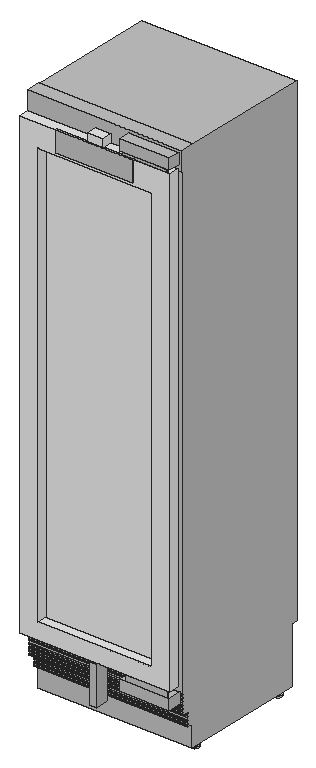
Revit family "FP_Revit_18_RS6121VR2K1_Wine_Column_90001106A", category Specialty Equipment, Revit 2018
Family settings
  Round Connector Dimension = Use Diameter
  Part Type = Normal
  OmniClass Number = 23.40.40.11.11
  OmniClass Title = Refrigerators and Freezers
  Work Plane-Based = No
  Always vertical = Yes
  Cut with Voids When Loaded = Yes
  Shared = No
  Room Calculation Point = No
Parameters
  Visibility - Visibility Control Note = yes
  Visibility - Clearance Required = yes
  URL = "www.fisherpaykel.com"
  Stainless Steel Door Panels (RD6121VR4D) = no
  Product - Width = 603 mm  # constant formula
  Product - Height = 2134 mm  # constant formula
  Product - Depth (exl front panel) = 610 mm  # constant formula
  Model = "RS6121VR2K1"
  Material - Handle = Fisher & Paykel - Aluminium
  Material - Door Structure = Fisher & Paykel - White
  Material - Door Front = Fisher & Paykel - Stainless Steel
  Material - Body = Fisher & Paykel - Grey
  Manufacturer = "Fisher & Paykel Appliances"
  Handle Style - Contemporary Square (AHD3-RD21) = no
  Handle Style - Contemporary Round (AHS-RD21) = no
  Description = "61cm Integrated Column Wine Cabinet"
  Connector Description - Electrical = "230 V, 10 amp fused electrical supply"
  Cavity - Width = 610 mm  # constant formula
  Cavity - Height = 2134 mm  # constant formula
  Cavity - Depth = 650 mm  # constant formula
Reference planes
  plane 1 "Datum": y = 0
  plane 2: z = 0
  plane 3 "Center (Left/Right)": x = 0
  plane 4 "Product LHS": x = -301.5
  plane 5 "Product RHS": x = 301.5
  plane 6 "Product - Depth": y = 610
  plane 7 "Cavity LHS": x = -305
  plane 8 "Cavity RHS": x = 305
  plane 9 "Cavity - Depth": y = 628
  plane 10 "Handle Offset": x = -238.5
  plane 11 "Product Height": z = 2134
  plane 12 "Cavity Height": z = 2134
  plane 13 "Door Panel Datum": y = -4.1
Forms (mm)
  Extrusion 1, solid, material "Fisher & Paykel - Grey" <- "Material - Body", detail levels fine
    sketch origin (0, 0, 0) x (0, 1, 0) y (0, 0, 1)
      loop
        line (100.1, 19.1) -> (587.9, 19.1) -> (587.9, 239.7) -> (610, 239.7) -> (610, 2131.9) -> (105.1, 2131.9) -> (105.1, 2134) -> (49.9, 2134) -> (49.9, 2059) -> (56, 2059) -> (56, 228.6) -> (59.5, 228.6) -> (59.5, 219.7) -> (56.5, 219.7) -> (56.5, 215.9) -> (59.5, 215.9) -> (59.5, 207) -> (56.5, 207) -> (56.5, 203.2) -> (59.5, 203.2) -> (59.5, 194.3) -> (56.5, 194.3) -> (56.5, 190.5) -> (59.5, 190.5) -> (59.5, 181.6) -> (56.5, 181.6) -> (56.5, 177.8) -> (59.5, 177.8) -> (59.5, 168.9) -> (56.5, 168.9) -> (56.5, 165.1) -> (59.5, 165.1) -> (59.5, 156.2) -> (56.5, 156.2) -> (56.5, 152.4) -> (84.1, 152.4) -> (84.1, 143.5) -> (81.1, 143.5) -> (81.1, 139.7) -> (84.1, 139.7) -> (84.1, 130.8) -> (81.1, 130.8) -> (81.1, 127) -> (84.1, 127) -> (84.1, 118.1) -> (81.1, 118.1) -> (81.1, 114.3) -> (84.1, 114.3) -> (84.1, 105.4) -> (81.1, 105.4) -> (81.1, 101.6) -> (100.1, 101.6) -> (100.1, 19.1)
    from -301.5 to 301.5
  Extrusion 2, solid, material "Fisher & Paykel - Grey" <- "Material - Body"
    sketch origin (0, 0, 0) x (1, 0, 0) y (0, 1, 0)
      loop
        circle (-281, 547.8) r 4.1
      loop
        circle (-281, 141.8) r 4.1
      loop
        circle (281, 547.8) r 4.1
      loop
        circle (281, 141.8) r 4.1
    from 3 to 19.1
  Extrusion 3, solid, material "Fisher & Paykel - Grey" <- "Material - Body"
    sketch origin (0, 0, 0) x (1, 0, 0) y (0, 1, 0)
      loop
        circle (-281, 547.8) r 14.5
      loop
        circle (-281, 141.8) r 14.555
      loop
        circle (281, 547.8) r 14.5
      loop
        circle (281, 141.8) r 14.555
    from 0 to 3
  Extrusion 4, solid, material "Fisher & Paykel - Grey" <- "Material - Body", detail levels fine
    sketch origin (0, 0, 0) x (1, 0, 0) y (0, 1, 0)
      loop
        line (-7.5, 49) -> (-13.797, -4.1) -> (13.797, -4.1) -> (7.5, 49) -> (-7.5, 49)
    from 104.2 to 254.2
  Extrusion 5, solid, material "Fisher & Paykel - Grey" <- "Material - Body", detail levels fine
    sketch origin (0, 0, 0) x (1, 0, 0) y (0, 0, 1)
      loop
        line (289.9, 2123.15) -> (95.42, 2123.15) -> (95.42, 2081.05) -> (289.9, 2081.05) -> (289.9, 2123.15)
    from -49 to -3
  Extrusion 6, solid, material "Fisher & Paykel - Grey" <- "Material - Body", detail levels fine
    sketch origin (0, 0, 0) x (0, 1, 0) y (0, 0, 1)
      loop
        line (0, 2070.6) -> (0, 1988.6) -> (2, 1988.6) -> (2, 2068.6) -> (4, 2068.6) -> (4, 2070.6) -> (0, 2070.6)
    from -150 to 150
  Extrusion 7, solid, material "Fisher & Paykel - Grey" <- "Material - Body"
    sketch origin (0, 0, 0) x (1, 0, 0) y (0, 0, 1)
      loop
        circle (226.5, 119.813) r 5
      loop
        circle (-226.5, 119.813) r 5
    from -590 to -587.9
  Extrusion 8, solid, material "Fisher & Paykel - White" <- "Material - Door Structure"
    sketch origin (0, 0, 0) x (1, 0, 0) y (0, 1, 0)
      loop
        line (-276.5, 56) -> (-276.5, 42) -> (276.5, 42) -> (276.5, 56) -> (-276.5, 56)
    from 269.6 to 2030.7
  Extrusion 9, solid, material "Fisher & Paykel - White" <- "Material - Door Structure", detail levels fine
    sketch origin (0, 0, 0) x (1, 0, 0) y (0, 0, 1)
      loop
        line (-29.5, 2100.1) -> (-29.5, 2068.6) -> (29.5, 2068.6) -> (29.5, 2100.1) -> (-29.5, 2100.1)
    from -42 to -3
  Extrusion 10, solid, material "Fisher & Paykel - Grey" <- "Material - Body", detail levels coarse+medium
    sketch origin (0, 0, 0) x (0, 1, 0) y (0, 0, 1)
      loop
        line (49.9, 2134) -> (49.9, 2059) -> (56, 2059) -> (56, 152.4) -> (81.1, 152.4) -> (81.1, 101.6) -> (100.1, 101.6) -> (100.1, 19.1) -> (587.9, 19.1) -> (587.9, 239.7) -> (610, 239.7) -> (610, 2134) -> (49.9, 2134)
    from -301.5 to 301.5
  Extrusion 11, solid, material "Fisher & Paykel - Clearance Required", visible <- "Visibility - Clearance Required", detail levels coarse
    sketch origin (0, 0, 0) x (1, 0, 0) y (0, 1, 0)
      loop
        arc (-301.5, -22.1) -> (-13.376, -547.171) -> (584.28, -586.183) r 622.5
        line (584.28, -586.183) -> (565.051, -544.946) -> (589.549, -533.523)
        arc (589.549, -533.523) -> (598.013, -510.267) -> (574.757, -501.802) r 17.5
        line (574.757, -501.802) -> (550.259, -513.225) -> (329.441, -39.678)
        arc (329.441, -39.678) -> (310.616, -38.605) -> (301.5, -22.1) r 19.5
        line (301.5, -22.1) -> (-301.5, -22.1)
    from 0 to 2134
  Extrusion 12, solid, material "Fisher & Paykel - Grey" <- "Material - Body", detail levels fine
    sketch origin (0, 0, 0) x (1, 0, 0) y (0, 0, 1)
      loop
        line (289.9, 187.65) -> (289.9, 229.75) -> (95.42, 229.75) -> (95.42, 187.65) -> (289.9, 187.65)
    from -56 to -2.5
  Extrusion 13, solid, material "Fisher & Paykel - Grey" <- "Material - Body", detail levels fine
    sketch origin (0, 0, -4) x (0, 1, 0) y (0, 0, 1)
      loop
        arc (163.888, 23.1) -> (180.4, 13.63) -> (196.912, 23.1) r 19.13
        line (196.912, 23.1) -> (163.888, 23.1)
      loop
        arc (493.888, 23.1) -> (510.4, 13.63) -> (526.912, 23.1) r 19.13
        line (526.912, 23.1) -> (493.888, 23.1)
    from 191 to 219
  Extrusion 14, solid, material "Fisher & Paykel - Grey" <- "Material - Body", detail levels fine
    sketch origin (0, 0, -4) x (0, 1, 0) y (0, 0, -1)
      loop
        line (163.888, -23.1) -> (196.912, -23.1)
        arc (196.912, -23.1) -> (180.4, -13.63) -> (163.888, -23.1) r 19.13
      loop
        line (493.888, -23.1) -> (526.912, -23.1)
        arc (526.912, -23.1) -> (510.4, -13.63) -> (493.888, -23.1) r 19.13
    from 191 to 219
  Extrusion 15, solid, material "Fisher & Paykel - Clearance Required", visible <- "Visibility - Clearance Required", detail levels coarse
    sketch origin (0, 0, 0) x (1, 0, 0) y (0, 1, 0)
      loop
        line (-305, 628) -> (-305, -4.1) -> (305, -4.1) -> (305, 628) -> (-305, 628)
    from 0 to 2134
  Extrusion 16, void
    sketch origin (0, 0, 0) x (1, 0, 0) y (0, 1, 0)
      loop
        line (-305, 628) -> (-305, -22) -> (305, -22) -> (305, 628) -> (-305, 628)
    from 0 to 2134
  Extrusion 17, solid, material "Fisher & Paykel - Grey" <- "Material - Body", detail levels fine
    sketch origin (0, 0, 0) x (1, 0, 0) y (0, 0, 1)
      loop
        line (118.4, 254.2) -> (118.4, 229.75) -> (282.9, 229.75) -> (282.9, 254.2) -> (118.4, 254.2)
      loop
        line (106, 2081.05) -> (106, 2068.6) -> (282.9, 2068.6) -> (282.9, 2076.05) -> (242.9, 2081.05) -> (106, 2081.05)
    from -7 to -4
  Extrusion 18, solid, material "Fisher & Paykel - Stainless Steel" <- "Material - Door Front", visible <- "Stainless Steel Door Panels (RD6121VR4D)"
    sketch origin (0, 0, 0) x (1, 0, 0) y (0, 0, 1)
      loop
        line (-301.5, 2130.8) -> (-301.5, 102) -> (301.5, 102) -> (301.5, 2130.8) -> (-301.5, 2130.8)
      loop
        line (-207.5, 1930) -> (-207.5, 341.6) -> (207.5, 341.6) -> (207.5, 1930) -> (-207.5, 1930)
    from 4.1 to 22.1
  Extrusion 19, solid, material "Fisher & Paykel - White" <- "Material - Door Structure"
    sketch origin (0, 0, 0) x (1, 0, 0) y (0, 0, 1)
      loop
        line (-292.9, 2068.6) -> (-292.9, 254.2) -> (292.9, 254.2) -> (292.9, 2068.6) -> (-292.9, 2068.6)
      loop
        line (-223.3, 318.3) -> (223.3, 318.3) -> (223.3, 1977.7) -> (-223.3, 1977.7) -> (-223.3, 318.3)
    from -42 to -3
Lines and regions (mm)
  model lines, style "Fisher & Paykel"
    curve 1: line (-301.5, -4.1, 2130.8) -> (301.5, -4.1, 2130.8)
    curve 2: line (-301.5, -4.1, 102) -> (-301.5, -4.1, 2130.8)
    curve 3: line (301.5, -4.1, 102) -> (-301.5, -4.1, 102)
    curve 4: line (301.5, -4.1, 2130.8) -> (301.5, -4.1, 102)
    curve 5: line (-207.5, -4.1, 1930) -> (207.5, -4.1, 1930)
    curve 6: line (-207.5, -4.1, 341.6) -> (-207.5, -4.1, 1930)
    curve 7: line (207.5, -4.1, 341.6) -> (-207.5, -4.1, 341.6)
    curve 8: line (207.5, -4.1, 1930) -> (207.5, -4.1, 341.6)
Text (mm)
  text "Due to ongoing product development, product details are subject to change without notice. \nPlease always refer to www.fisherpaykel.com for the most current product information. \n© Fisher & Paykel 2020" at (41.04, -678.295, 0), in view "Ref. Level (Plan)"
Dimensions and locks
  equal spacing: plane 4 "Product LHS", plane 3 "Center (Left/Right)", plane 5 "Product RHS"
  "Product - Width": plane 4 "Product LHS" to plane 5 "Product RHS"
  "Product - Depth (exl front panel)": plane 1 "Datum" to plane 6 "Product - Depth"
  equal spacing: plane 7 "Cavity LHS", plane 3 "Center (Left/Right)", plane 8 "Cavity RHS"
  "Cavity - Width": plane 7 "Cavity LHS" to plane 8 "Cavity RHS"
  plane 4 "Product LHS" to Extrusion 2 sketch curve = 24.6 mm
  plane 4 "Product LHS" to plane 10 "Handle Offset" = 63 mm
  Extrusion 7 sketch curve to Extrusion 1 = 119.887 mm  (x2)
  Extrusion 7 sketch curve to plane 5 "Product RHS" = 75 mm
  plane 4 "Product LHS" to Extrusion 7 sketch curve = 75 mm
  Extrusion 1 sketch curve to Extrusion 1 sketch curve = 82.5 mm
  Extrusion 1 sketch curve to Extrusion 1 sketch curve = 209.5 mm
  Extrusion 3 to level = 3 mm
  Extrusion 10 to Extrusion 8 = 250.5 mm
  Extrusion 10 to Extrusion 10 = 2114.9 mm
  "Product - Height": level to plane 11 "Product Height"
  Extrusion 8 to plane 11 "Product Height" = 103.3 mm
  Extrusion 10 sketch curve to plane 11 "Product Height" = 75 mm
  Extrusion 1 sketch curve to plane 11 "Product Height" = 2.1 mm
  Extrusion 1 sketch curve to plane 11 "Product Height" = 75 mm
  "Cavity - Height": plane 12 "Cavity Height" to level
  plane 1 "Datum" to Extrusion 15 = 628 mm
  plane 1 "Datum" to Extrusion 16 = 628 mm
  Extrusion 17 sketch curve to Extrusion 17 sketch curve = 40 mm
  Extrusion 17 sketch curve to plane 3 "Center (Left/Right)" = 106 mm
  Extrusion 17 sketch curve to Extrusion 17 sketch curve = 176.9 mm
  Extrusion 17 sketch curve to plane 3 "Center (Left/Right)" = 118.4 mm
  plane 3 "Center (Left/Right)" to Extrusion 17 sketch curve = 282.9 mm
  equal spacing: Extrusion 19, plane 3 "Center (Left/Right)", Extrusion 19
  equal spacing: Extrusion 18, plane 3 "Center (Left/Right)", Extrusion 18
  locked: Extrusion 18 sketch curve to Extrusion 18 sketch curve at 415
  locked: Extrusion 19 sketch curve to Extrusion 19 sketch curve at 446.6
  Extrusion 16 to plane 1 "Datum" = 22 mm
  "Cavity - Depth": plane 9 "Cavity - Depth" to Extrusion 16
  radius of Extrusion 7 sketch curve = 5 mm
  aligned and locked: level to plane 2
  aligned and locked: Extrusion 10 to plane 5 "Product RHS"
  aligned and locked: Extrusion 10 to plane 4 "Product LHS"
  aligned and locked: Extrusion 10 sketch curve to plane 11 "Product Height"
  aligned and locked: plane 11 "Product Height" to Extrusion 1 sketch curve
  aligned and locked: Extrusion 13 sketch curve to Extrusion 13 sketch curve
  aligned and locked: Extrusion 14 sketch curve to Extrusion 14 sketch curve
  aligned and locked: Extrusion 15 to Extrusion 11
  aligned and locked: Extrusion 16 to Extrusion 11
  aligned and locked: Extrusion 1 to plane 5 "Product RHS"
  aligned and locked: plane 4 "Product LHS" to Extrusion 1
  aligned and locked: Extrusion 2 to Extrusion 1
  aligned and locked: nested 3 to plane 10 "Handle Offset"
  aligned and locked: nested 2 to plane 10 "Handle Offset"
Automatic sketch dimensions
  Extrusion 2 sketch curve to plane 4 "Product LHS" = 20.5 mm  (x2)
  plane 5 "Product RHS" to Extrusion 2 sketch curve = 20.5 mm  (x2)
  Extrusion 2 sketch curve to plane 1 "Datum" = 141.8 mm  (x2)
  Extrusion 2 sketch curve to plane 6 "Product - Depth" = 62.2 mm  (x2)
  Extrusion 3 sketch curve to plane 4 "Product LHS" = 20.5 mm  (x2)
  plane 5 "Product RHS" to Extrusion 3 sketch curve = 20.5 mm  (x2)
  Extrusion 3 sketch curve to plane 1 "Datum" = 141.8 mm  (x2)
  Extrusion 3 sketch curve to plane 6 "Product - Depth" = 62.2 mm  (x2)
  plane 1 "Datum" to Extrusion 4 sketch curve = 4.1 mm
  Extrusion 4 sketch curve to plane 3 "Center (Left/Right)" = 13.797 mm
  Extrusion 4 sketch curve to plane 3 "Center (Left/Right)" = 7.5 mm
  plane 3 "Center (Left/Right)" to Extrusion 4 sketch curve = 7.5 mm
  plane 3 "Center (Left/Right)" to Extrusion 4 sketch curve = 13.797 mm
  Extrusion 4 sketch curve to plane 1 "Datum" = 49 mm
  plane 11 "Product Height" to Extrusion 5 sketch curve = 10.85 mm
  plane 3 "Center (Left/Right)" to Extrusion 5 sketch curve = 95.42 mm
  plane 5 "Product RHS" to Extrusion 5 sketch curve = 11.6 mm
  Extrusion 5 sketch curve to Extrusion 5 sketch curve = 42.1 mm
  Extrusion 6 sketch curve to plane 1 "Datum" = 0 mm
  Extrusion 6 sketch curve to plane 1 "Datum" = 2 mm
  Extrusion 6 sketch curve to Extrusion 6 sketch curve = 2 mm  (x2)
  plane 11 "Product Height" to Extrusion 6 sketch curve = 145.4 mm
  plane 11 "Product Height" to Extrusion 6 sketch curve = 65.4 mm
  Extrusion 8 sketch curve to plane 4 "Product LHS" = 25 mm
  plane 5 "Product RHS" to Extrusion 8 sketch curve = 25 mm
  Extrusion 8 sketch curve to plane 1 "Datum" = 42 mm
  Extrusion 8 sketch curve to Extrusion 8 sketch curve = 14 mm
  Extrusion 9 sketch curve to plane 3 "Center (Left/Right)" = 29.5 mm
  plane 3 "Center (Left/Right)" to Extrusion 9 sketch curve = 29.5 mm
  plane 11 "Product Height" to Extrusion 9 sketch curve = 65.4 mm
  Extrusion 9 sketch curve to Extrusion 9 sketch curve = 31.5 mm
  Extrusion 11 sketch curve to Extrusion 11 sketch curve = 0 mm  (x2)
  Extrusion 11 sketch curve to plane 4 "Product LHS" = 0 mm
  Extrusion 11 sketch curve to plane 5 "Product RHS" = 0 mm
  Extrusion 11 sketch curve to plane 8 "Cavity RHS" = 16 mm
  Extrusion 11 sketch curve to Extrusion 11 sketch curve = 8.441 mm
  Extrusion 11 sketch curve to plane 8 "Cavity RHS" = 245.259 mm
  Extrusion 11 sketch curve to Extrusion 11 sketch curve = 14.792 mm
  Extrusion 11 sketch curve to Extrusion 11 sketch curve = 24.498 mm
  Extrusion 11 sketch curve to Extrusion 11 sketch curve = 7.396 mm  (x2)
  Extrusion 11 sketch curve to Extrusion 11 sketch curve = 19.229 mm
  plane 1 "Datum" to Extrusion 11 sketch curve = 586.183 mm
  Extrusion 11 sketch curve to Extrusion 11 sketch curve = 41.237 mm
  Extrusion 11 sketch curve to Extrusion 11 sketch curve = 15.86 mm
  plane 3 "Center (Left/Right)" to Extrusion 12 sketch curve = 95.42 mm
  plane 5 "Product RHS" to Extrusion 12 sketch curve = 11.6 mm
  level to Extrusion 12 sketch curve = 187.65 mm
  Extrusion 12 sketch curve to Extrusion 12 sketch curve = 42.1 mm
  Extrusion 13 sketch curve to plane 1 "Datum" = 163.888 mm
  Extrusion 13 sketch curve to Extrusion 13 sketch curve = 16.512 mm  (x2)
  Extrusion 13 sketch curve to plane 6 "Product - Depth" = 116.112 mm
  Extrusion 13 sketch curve to Extrusion 13 sketch curve = 9.66 mm  (x2)
  Extrusion 14 sketch curve to plane 1 "Datum" = 163.888 mm
  Extrusion 14 sketch curve to Extrusion 14 sketch curve = 16.512 mm  (x2)
  Extrusion 14 sketch curve to plane 6 "Product - Depth" = 116.112 mm
  Extrusion 14 sketch curve to Extrusion 14 sketch curve = 9.66 mm  (x2)
  Extrusion 15 sketch curve to plane 7 "Cavity LHS" = 0 mm
  Extrusion 15 sketch curve to plane 8 "Cavity RHS" = 0 mm
  Extrusion 15 sketch curve to plane 9 "Cavity - Depth" = 0 mm
  plane 1 "Datum" to Extrusion 15 sketch curve = 4.1 mm
  Extrusion 16 sketch curve to plane 7 "Cavity LHS" = 0 mm
  Extrusion 16 sketch curve to plane 8 "Cavity RHS" = 0 mm
  plane 9 "Cavity - Depth" to Extrusion 16 sketch curve = 0 mm
  plane 1 "Datum" to Extrusion 16 sketch curve = 22 mm
  level to Extrusion 17 sketch curve = 229.75 mm
  Extrusion 17 sketch curve to Extrusion 17 sketch curve = 24.45 mm
  plane 11 "Product Height" to Extrusion 17 sketch curve = 65.4 mm
  Extrusion 17 sketch curve to Extrusion 17 sketch curve = 7.45 mm
  Extrusion 17 sketch curve to Extrusion 17 sketch curve = 5 mm
  Extrusion 10 sketch curve to plane 6 "Product - Depth" = 0 mm
  Extrusion 10 sketch curve to plane 6 "Product - Depth" = 22.1 mm
  Extrusion 10 sketch curve to plane 1 "Datum" = 100.1 mm
  Extrusion 10 sketch curve to Extrusion 10 sketch curve = 19 mm
  Extrusion 10 sketch curve to plane 1 "Datum" = 56 mm
  Extrusion 10 sketch curve to plane 1 "Datum" = 49.9 mm
  level to Extrusion 10 sketch curve = 152.4 mm
  Extrusion 10 sketch curve to Extrusion 10 sketch curve = 50.8 mm
  level to Extrusion 10 sketch curve = 19.1 mm
  Extrusion 10 sketch curve to Extrusion 10 sketch curve = 220.6 mm
  level to Extrusion 13 sketch curve = 19.1 mm
  level to Extrusion 14 sketch curve = 28.76 mm
  Extrusion 1 sketch curve to plane 6 "Product - Depth" = 0 mm
  Extrusion 1 sketch curve to Extrusion 1 sketch curve = 22.1 mm
  Extrusion 1 sketch curve to plane 1 "Datum" = 105.1 mm
  level to Extrusion 1 sketch curve = 19.1 mm
  Extrusion 1 sketch curve to plane 1 "Datum" = 100.1 mm
  Extrusion 1 sketch curve to Extrusion 1 sketch curve = 16 mm
  Extrusion 1 sketch curve to Extrusion 1 sketch curve = 0 mm  (x8)
  Extrusion 1 sketch curve to Extrusion 1 sketch curve = 3 mm  (x10)
  Extrusion 1 sketch curve to plane 1 "Datum" = 59.5 mm
  Extrusion 1 sketch curve to plane 1 "Datum" = 56 mm
  Extrusion 1 sketch curve to plane 1 "Datum" = 49.9 mm
  Extrusion 1 sketch curve to Extrusion 1 sketch curve = 3.8 mm  (x10)
  Extrusion 1 sketch curve to Extrusion 1 sketch curve = 8.9 mm  (x9)
  Extrusion 1 sketch curve to Extrusion 1 sketch curve = 220.6 mm
  Extrusion 19 sketch curve to plane 4 "Product LHS" = 8.6 mm
  Extrusion 19 sketch curve to plane 10 "Handle Offset" = 15.2 mm
  plane 5 "Product RHS" to Extrusion 19 sketch curve = 8.6 mm
  level to Extrusion 19 sketch curve = 254.2 mm
  Extrusion 19 sketch curve to Extrusion 19 sketch curve = 64.1 mm
  plane 11 "Product Height" to Extrusion 19 sketch curve = 156.3 mm
  plane 11 "Product Height" to Extrusion 19 sketch curve = 65.4 mm
  plane 4 "Product LHS" to Extrusion 18 sketch curve = 0 mm
  plane 5 "Product RHS" to Extrusion 18 sketch curve = 0 mm
  Extrusion 18 sketch curve to plane 10 "Handle Offset" = 31 mm
  level to Extrusion 18 sketch curve = 102 mm
  Extrusion 18 sketch curve to Extrusion 18 sketch curve = 239.6 mm
  plane 11 "Product Height" to Extrusion 18 sketch curve = 204 mm
  plane 11 "Product Height" to Extrusion 18 sketch curve = 3.2 mm
  plane 5 "Product RHS" to curve 1 = 0 mm
  plane 4 "Product LHS" to curve 2 = 0 mm
  plane 5 "Product RHS" to curve 7 = 94 mm
  curve 5 to plane 10 "Handle Offset" = 31 mm
  level to curve 4 = 102 mm
  curve 2 to curve 7 = 239.6 mm
  plane 11 "Product Height" to curve 5 = 204 mm
  plane 11 "Product Height" to curve 2 = 3.2 mm
  radius of Extrusion 2 sketch curve = 4.1 mm  (x3)
  radius of Extrusion 3 sketch curve = 14.5 mm  (x2)
  radius of Extrusion 3 sketch curve = 14.555 mm  (x2)
  radius of Extrusion 7 sketch curve = 5 mm
Nested families
  nested 1: "Visibility Control Note 18" at (0, 0, 0), visible <- "Visibility - Visibility Control Note", type "Visibility Control Note 18"
  nested 2: "Handle Contemporary Round - Vertical" at (-238.5, -22.1, 1242.58), visible <- "Handle Style - Contemporary Round (AHS-RD21)", type "AHS-RD21 - Contemporary round handle (Vertical) 852mm"
  nested 3: "Handle Contemporary Square - Vertical" at (-238.5, -22.1, 1242.58), visible <- "Handle Style - Contemporary Square (AHD3-RD21)", type "AHD3-RD21 - Contemporary square handle (Vertical) 852mm"
Connectors
  electrical at (-226.5, 590, 119.813), driven by "Connector Description - Electrical"
    settings: on Extrusion 7, index 1, voltage 230 V, apparent load 0 VA, apparent load phase1 0 VA, apparent load phase2 0 VA, apparent load phase3 0 VA, power factor 1, load classification "Other", number of poles 1, system type 30, power factor state 1, is connector primary yes, connector utility no, sub classification motor no, connector description "230 V, 10 amp fused electrical supply"
Definition of nested family "Handle Contemporary Round - Vertical"
  Parameters (values of type "AHSRS80A - Contemporary round handle (1 of 2) (Vertical) 727mm")
    URL = "www.fisherpaykel.com"
    Material - Handle = none
    Manufacturer = "Fisher & Paykel Appliances"
    Handle - Length = 727 mm
  Types (6, lengths in mm): name | Handle - Length
    AHS-RD21 - Contemporary round handle (Vertical) 852mm | 852
    AHSRD2484W - Contemporary round handle (1 of 2) (Vertical) 727mm | 727
    AHSRD3084W - Contemporary round handle (1 of 2) (Vertical) 727mm | 727
    AHS-RD84 - Contemporary round handle (Vertical) 852mm | 852
    AHSRS3272A - Contemporary round handle (1 of 2) (Vertical) 727mm | 727
    AHSRS80A - Contemporary round handle (1 of 2) (Vertical) 727mm | 727
  Reference planes
    plane 1 "Center (Front/Back)": y = 0
    plane 2: z = 0
    plane 3 "Center (Left/Right)": x = 0
    plane 4 "Top": z = 363.5
    plane 5 "Bottom": z = -363.5
    plane 6 "Top Standoff": z = 243.5
    plane 7 "Bottom Standoff": z = -243.5
  Forms (mm)
    Extrusion 1, solid, material <- "Material - Handle"
      sketch origin (0, 0, 0) x (1, 0, 0) y (0, 1, 0)
        loop
          circle (0, -32.3) r 8.7
      from -243.5 to 243.5
    Extrusion 2, solid, material <- "Material - Handle", detail levels fine
      sketch origin (0, 0, 0) x (1, 0, 0) y (0, 1, 0)
        loop
          line (-8.7, 0) -> (-8.7, -32.3)
          arc (-8.7, -32.3) -> (0, -41) -> (8.7, -32.3) r 8.7
          line (8.7, -32.3) -> (8.7, 0) -> (-8.7, 0)
      from 243.5 to 363.5
    Extrusion 3, solid, material <- "Material - Handle", detail levels fine
      sketch origin (0, 0, 0) x (1, 0, 0) y (0, 1, 0)
        loop
          line (-8.7, 0) -> (-8.7, -32.3)
          arc (-8.7, -32.3) -> (0, -41) -> (8.7, -32.3) r 8.7
          line (8.7, -32.3) -> (8.7, 0) -> (-8.7, 0)
      from -363.5 to -243.5
    Sweep 4, void
      path in 3D
        loop
          line (8.7, 0, -363.5) -> (8.7, -32.3, -363.5)
          arc (8.7, -32.3, -363.5) -> (0, -41, -363.5) -> (-8.7, -32.3, -363.5) r 8.7
          line (-8.7, -32.3, -363.5) -> (-8.7, 0, -363.5)
      profile origin (8.7, -16.15, -363.5) x (-1, 0, 0) y (0, 0, -1)
        loop
          line (0, 0) -> (0, -1) -> (1, 0) -> (0, 0)
    Sweep 5, void
      path in 3D
        loop
          line (-8.7, 0, 363.5) -> (-8.7, -32.3, 363.5)
          arc (-8.7, -32.3, 363.5) -> (0, -41, 363.5) -> (8.7, -32.3, 363.5) r 8.7
          line (8.7, -32.3, 363.5) -> (8.7, 0, 363.5)
      profile origin (8.7, -16.15, 363.5) x (-1, 0, 0) y (0, 0, 1)
        loop
          line (0, 0) -> (0, -1) -> (1, 0) -> (0, 0)
    Extrusion 6, solid, material <- "Material - Handle", detail levels coarse+medium
      sketch origin (0, 0, 0) x (1, 0, 0) y (0, 1, 0)
        loop
          line (-8.7, 0) -> (-8.7, -32.3)
          arc (-8.7, -32.3) -> (0, -41) -> (8.7, -32.3) r 8.7
          line (8.7, -32.3) -> (8.7, 0) -> (-8.7, 0)
      from 243.5 to 363.5
    Extrusion 7, solid, material <- "Material - Handle", detail levels coarse+medium
      sketch origin (0, 0, 0) x (1, 0, 0) y (0, 1, 0)
        loop
          line (-8.7, 0) -> (-8.7, -32.3)
          arc (-8.7, -32.3) -> (0, -41) -> (8.7, -32.3) r 8.7
          line (8.7, -32.3) -> (8.7, 0) -> (-8.7, 0)
      from -363.5 to -243.5
  Cuts and joins
    Sweep 4 cuts Extrusion 3
    Sweep 5 cuts Extrusion 2
  Lines and regions (mm)
    sketch lines
      curve 1: line (8.7, 0, -363.5) -> (8.7, -32.3, -363.5)
      curve 2: arc (-8.7, -32.3, -363.5) -> (0, -41, -363.5) -> (8.7, -32.3, -363.5) r 8.7
      curve 3: line (-8.7, -32.3, -363.5) -> (-8.7, 0, -363.5)
      curve 4: line (8.7, -32.3, 363.5) -> (8.7, 0, 363.5)
      curve 5: arc (8.7, -32.3, 363.5) -> (0, -41, 363.5) -> (-8.7, -32.3, 363.5) r 8.7
      curve 6: line (-8.7, 0, 363.5) -> (-8.7, -32.3, 363.5)
  Dimensions and locks
    equal spacing: plane 4 "Top", level, plane 5 "Bottom"
    "Handle - Length": plane 4 "Top" to plane 5 "Bottom"
    locked: plane 4 "Top" to plane 6 "Top Standoff" at 120
    locked: plane 7 "Bottom Standoff" to plane 5 "Bottom" at 120
    Extrusion 2 sketch curve to Extrusion 2 sketch curve = 17.4 mm
    Extrusion 3 sketch curve to Extrusion 3 sketch curve = 17.4 mm
    Extrusion 6 sketch curve to Extrusion 6 sketch curve = 17.4 mm
    Extrusion 7 sketch curve to Extrusion 7 sketch curve = 17.4 mm
    aligned and locked: level to plane 2
    aligned and locked: plane 4 "Top" to Extrusion 2
    aligned and locked: Extrusion 3 to plane 5 "Bottom"
    aligned and locked: plane 7 "Bottom Standoff" to Extrusion 3
    aligned and locked: Extrusion 1 to plane 7 "Bottom Standoff"
    aligned and locked: plane 6 "Top Standoff" to Extrusion 1
    aligned and locked: Extrusion 2 to Extrusion 1
    aligned and locked: Extrusion 6 to Extrusion 1
    aligned and locked: plane 4 "Top" to Extrusion 6
    aligned and locked: Extrusion 7 to Extrusion 1
    aligned and locked: Extrusion 7 to plane 5 "Bottom"
  Automatic sketch dimensions
    Extrusion 1 sketch curve to plane 3 "Center (Left/Right)" = 0 mm
    plane 1 "Center (Front/Back)" to Extrusion 1 sketch curve = 32.3 mm
    plane 1 "Center (Front/Back)" to Extrusion 2 sketch curve = 0 mm
    Extrusion 2 sketch curve to plane 3 "Center (Left/Right)" = 0 mm
    Extrusion 2 sketch curve to plane 3 "Center (Left/Right)" = 8.7 mm
    plane 1 "Center (Front/Back)" to Extrusion 2 sketch curve = 32.3 mm
    plane 1 "Center (Front/Back)" to Extrusion 3 sketch curve = 0 mm
    Extrusion 3 sketch curve to plane 3 "Center (Left/Right)" = 0 mm
    Extrusion 3 sketch curve to plane 3 "Center (Left/Right)" = 8.7 mm
    plane 1 "Center (Front/Back)" to Extrusion 3 sketch curve = 32.3 mm
    Sweep 4 sketch curve to profile plane = 0 mm  (x2)
    Sweep 4 sketch curve to profile plane = 1 mm  (x2)
    Sweep 5 sketch curve to profile plane = 0 mm  (x2)
    Sweep 5 sketch curve to profile plane = 1 mm  (x2)
    Extrusion 6 sketch curve to plane 3 "Center (Left/Right)" = 0 mm
    Extrusion 6 sketch curve to plane 3 "Center (Left/Right)" = 8.7 mm
    plane 1 "Center (Front/Back)" to Extrusion 6 sketch curve = 32.3 mm
    Extrusion 6 sketch curve to Extrusion 6 sketch curve = 32.3 mm
    Extrusion 7 sketch curve to plane 3 "Center (Left/Right)" = 0 mm
    Extrusion 7 sketch curve to plane 3 "Center (Left/Right)" = 8.7 mm
    plane 1 "Center (Front/Back)" to Extrusion 7 sketch curve = 32.3 mm
    Extrusion 7 sketch curve to Extrusion 7 sketch curve = 32.3 mm
    radius of Extrusion 1 sketch curve = 8.7 mm
Definition of nested family "Handle Contemporary Square - Vertical"
  Parameters (values of type "AHD3RS80A - Contemporary square handle (1 of 2) (Vertical) 727mm")
    URL = "www.fisherpaykel.com"
    Material - Handle = none
    Manufacturer = "Fisher & Paykel Appliances"
    Handle - Length = 727 mm
  Types (7, lengths in mm): name | Handle - Length
    (no name) | 727
    AHD3-RD21 - Contemporary square handle (Vertical) 852mm | 852
    AHD3RD2484W - Contemporary square handle (1 of 2) (Vertical) 727mm | 727
    AHD3RD3084W - Contemporary square handle (1 of 2) (Vertical) 727mm | 727
    AHD3-RD84 - Contemporary square handle (Vertical) 852mm | 852
    AHD3RS3272A - Contemporary square handle (1 of 2) (Vertical) 727mm | 727
    AHD3RS80A - Contemporary square handle (1 of 2) (Vertical) 727mm | 727
  Reference planes
    plane 1 "Center (Front/Back)": y = 0
    plane 2: z = 0
    plane 3 "Center (Left/Right)": x = 0
    plane 4 "Top": z = 363.5
    plane 5 "Bottom": z = -363.5
    plane 6 "Top Standoff": z = 243.5
    plane 7 "Bottom Standoff": z = -243.5
  Forms (mm)
    Extrusion 1, solid, material <- "Material - Handle", detail levels fine
      sketch origin (0, 0, 0) x (1, 0, 0) y (0, 1, 0)
        loop
          arc (-7.583, -28.701) -> (-7.89, -29.057) -> (-8, -29.514) r 1
          line (-8, -29.514) -> (-8, -40.5)
          arc (-8, -40.5) -> (-7.561, -41.561) -> (-6.5, -42) r 1.5
          line (-6.5, -42) -> (6.5, -42)
          arc (6.5, -42) -> (7.561, -41.561) -> (8, -40.5) r 1.5
          line (8, -40.5) -> (8, -29.487)
          arc (8, -29.487) -> (7.889, -29.029) -> (7.58, -28.673) r 1
          arc (7.58, -28.673) -> (-0.006, -26.256) -> (-7.583, -28.701) r 13.038
      from -363.5 to 363.5
    Extrusion 2, solid, material <- "Material - Handle", detail levels fine
      sketch origin (0, 0, 0) x (1, 0, 0) y (0, 1, 0)
        loop
          arc (7.058, -28.23) -> (7.466, -28.244) -> (7.674, -27.893) r 0.4
          line (7.674, -27.893) -> (7.674, 0) -> (-7.674, 0) -> (-7.674, -27.86)
          arc (-7.674, -27.86) -> (-7.467, -28.21) -> (-7.06, -28.198) r 0.4
          arc (-7.06, -28.198) -> (0.004, -26.156) -> (7.058, -28.23) r 13.136
      from 243.5 to 363.5
    Extrusion 3, solid, material <- "Material - Handle", detail levels fine
      sketch origin (0, 0, 0) x (1, 0, 0) y (0, 1, 0)
        loop
          arc (7.058, -28.23) -> (7.466, -28.244) -> (7.674, -27.893) r 0.4
          line (7.674, -27.893) -> (7.674, 0) -> (-7.674, 0) -> (-7.674, -27.86)
          arc (-7.674, -27.86) -> (-7.467, -28.21) -> (-7.06, -28.198) r 0.4
          arc (-7.06, -28.198) -> (0.004, -26.156) -> (7.058, -28.23) r 13.136
      from -363.5 to -243.5
    Sweep 4, void
      path in 3D
        loop
          line (-8, -29.514, 363.5) -> (-8, -40.5, 363.5)
          arc (-8, -40.5, 363.5) -> (-7.561, -41.561, 363.5) -> (-6.5, -42, 363.5) r 1.5
          line (-6.5, -42, 363.5) -> (6.5, -42, 363.5)
          arc (6.5, -42, 363.5) -> (7.561, -41.561, 363.5) -> (8, -40.5, 363.5) r 1.5
          line (8, -40.5, 363.5) -> (8, -29.487, 363.5)
      profile origin (8, -34.994, 363.5) x (-1, 0, 0) y (0, 0, 1)
        loop
          line (0, 0) -> (0, -1.3) -> (1.3, 0) -> (0, 0)
    Sweep 5, void
      path in 3D
        loop
          line (8, -29.487, -363.5) -> (8, -40.5, -363.5)
          arc (8, -40.5, -363.5) -> (7.561, -41.561, -363.5) -> (6.5, -42, -363.5) r 1.5
          line (6.5, -42, -363.5) -> (-6.5, -42, -363.5)
          arc (-6.5, -42, -363.5) -> (-7.561, -41.561, -363.5) -> (-8, -40.5, -363.5) r 1.5
          line (-8, -40.5, -363.5) -> (-8, -29.514, -363.5)
      profile origin (8, -34.994, -363.5) x (-1, 0, 0) y (0, 0, -1)
        loop
          line (0, 0) -> (0, -1.3) -> (1.3, 0) -> (0, 0)
    Extrusion 6, void
      sketch origin (0, 0, 0) x (1, 0, 0) y (0, 0, 1)
        loop
          line (-8, -362.2) -> (-8, -363.5) -> (-6.7, -363.5) -> (-8, -362.2)
        loop
          line (8, -362.2) -> (6.7, -363.5) -> (8, -363.5) -> (8, -362.2)
      from 0 to 40
    Extrusion 7, void
      sketch origin (0, 0, 0) x (1, 0, 0) y (0, 0, 1)
        loop
          line (-8, 363.5) -> (-8, 362.2) -> (-6.7, 363.5) -> (-8, 363.5)
        loop
          line (8, 363.5) -> (6.7, 363.5) -> (8, 362.2) -> (8, 363.5)
      from 0 to 40
    Extrusion 8, solid, material <- "Material - Handle", detail levels coarse+medium
      sketch origin (0, 0, 0) x (0, 1, 0) y (0, 0, 1)
        loop
          line (0, 363.5) -> (-42, 363.5) -> (-42, -363.5) -> (0, -363.5) -> (0, -243.5) -> (-26.245, -243.5) -> (-26.245, 243.5) -> (0, 243.5) -> (0, 363.5)
      from -8 to 8
  Cuts and joins
    Sweep 4, Sweep 5, Extrusion 6, Extrusion 7 cuts Extrusion 1
    Extrusion 6 cuts Extrusion 3
    Extrusion 7 cuts Extrusion 2
  Lines and regions (mm)
    sketch lines
      curve 1: line (8, -40.5, 363.5) -> (8, -29.487, 363.5)
      curve 2: arc (8, -40.5, 363.5) -> (7.561, -41.561, 363.5) -> (6.5, -42, 363.5) r 1.5
      curve 3: line (-6.5, -42, 363.5) -> (6.5, -42, 363.5)
      curve 4: arc (-6.5, -42, 363.5) -> (-7.561, -41.561, 363.5) -> (-8, -40.5, 363.5) r 1.5
      curve 5: line (-8, -29.514, 363.5) -> (-8, -40.5, 363.5)
      curve 6: line (8, -29.487, -363.5) -> (8, -40.5, -363.5)
      curve 7: arc (6.5, -42, -363.5) -> (7.561, -41.561, -363.5) -> (8, -40.5, -363.5) r 1.5
      curve 8: line (6.5, -42, -363.5) -> (-6.5, -42, -363.5)
      curve 9: arc (-8, -40.5, -363.5) -> (-7.561, -41.561, -363.5) -> (-6.5, -42, -363.5) r 1.5
      curve 10: line (-8, -40.5, -363.5) -> (-8, -29.514, -363.5)
  Dimensions and locks
    equal spacing: plane 4 "Top", level, plane 5 "Bottom"
    "Handle - Length": plane 4 "Top" to plane 5 "Bottom"
    locked: plane 4 "Top" to plane 6 "Top Standoff" at 120
    locked: plane 7 "Bottom Standoff" to plane 5 "Bottom" at 120
    aligned and locked: level to plane 2
    aligned and locked: plane 4 "Top" to Extrusion 2
    aligned and locked: Extrusion 2 to plane 6 "Top Standoff"
    aligned and locked: plane 4 "Top" to Extrusion 1
    aligned and locked: Extrusion 1 to plane 5 "Bottom"
    aligned and locked: Extrusion 3 to plane 5 "Bottom"
    aligned and locked: plane 7 "Bottom Standoff" to Extrusion 3
    aligned and locked: plane 4 "Top" to Extrusion 8 sketch curve
    aligned and locked: plane 6 "Top Standoff" to Extrusion 8 sketch curve
    aligned and locked: plane 7 "Bottom Standoff" to Extrusion 8 sketch curve
    aligned and locked: plane 5 "Bottom" to Extrusion 8 sketch curve
    aligned and locked: plane 1 "Center (Front/Back)" to Extrusion 8 sketch curve  (x2)
  Automatic sketch dimensions
    Extrusion 1 sketch curve to plane 3 "Center (Left/Right)" = 8 mm
    Extrusion 1 sketch curve to Extrusion 1 sketch curve = 1 mm  (x2)
    Extrusion 1 sketch curve to Extrusion 1 sketch curve = 1.5 mm
    plane 3 "Center (Left/Right)" to Extrusion 1 sketch curve = 0.018 mm
    plane 3 "Center (Left/Right)" to Extrusion 1 sketch curve = 6.5 mm
    plane 3 "Center (Left/Right)" to Extrusion 1 sketch curve = 7 mm
    plane 1 "Center (Front/Back)" to Extrusion 1 sketch curve = 42 mm
    Extrusion 1 sketch curve to Extrusion 1 sketch curve = 1.206 mm
    Extrusion 1 sketch curve to Extrusion 1 sketch curve = 10.986 mm
    Extrusion 1 sketch curve to Extrusion 1 sketch curve = 11.013 mm
    Extrusion 1 sketch curve to Extrusion 1 sketch curve = 0 mm
    plane 1 "Center (Front/Back)" to Extrusion 2 sketch curve = 0 mm
    Extrusion 2 sketch curve to plane 3 "Center (Left/Right)" = 7.674 mm
    Extrusion 2 sketch curve to Extrusion 2 sketch curve = 0.4 mm  (x2)
    Extrusion 2 sketch curve to plane 3 "Center (Left/Right)" = 0.026 mm
    plane 3 "Center (Left/Right)" to Extrusion 2 sketch curve = 7.274 mm
    plane 1 "Center (Front/Back)" to Extrusion 2 sketch curve = 27.86 mm
    Extrusion 2 sketch curve to Extrusion 2 sketch curve = 0.033 mm
    Extrusion 2 sketch curve to Extrusion 2 sketch curve = 11.398 mm
    Extrusion 2 sketch curve to Extrusion 2 sketch curve = 0 mm
    plane 1 "Center (Front/Back)" to Extrusion 3 sketch curve = 0 mm
    Extrusion 3 sketch curve to Extrusion 3 sketch curve = 0.4 mm  (x2)
    Extrusion 3 sketch curve to Extrusion 3 sketch curve = 7.248 mm
    Extrusion 3 sketch curve to Extrusion 3 sketch curve = 7.3 mm
    plane 1 "Center (Front/Back)" to Extrusion 3 sketch curve = 27.86 mm
    Extrusion 3 sketch curve to Extrusion 3 sketch curve = 0.033 mm
    Extrusion 3 sketch curve to Extrusion 3 sketch curve = 11.398 mm
    Extrusion 3 sketch curve to Extrusion 3 sketch curve = 0 mm
    Sweep 4 sketch curve to profile plane = 0 mm  (x2)
    Sweep 4 sketch curve to profile plane = 1.3 mm  (x2)
    Sweep 5 sketch curve to profile plane = 0 mm  (x2)
    Sweep 5 sketch curve to profile plane = 1.3 mm  (x2)
    Extrusion 6 sketch curve to plane 5 "Bottom" = 0 mm  (x2)
    plane 5 "Bottom" to Extrusion 6 sketch curve = 1.3 mm  (x2)
    Extrusion 6 sketch curve to plane 3 "Center (Left/Right)" = 8 mm
    Extrusion 6 sketch curve to Extrusion 6 sketch curve = 1.3 mm  (x2)
    plane 3 "Center (Left/Right)" to Extrusion 6 sketch curve = 8 mm
    Extrusion 7 sketch curve to plane 4 "Top" = 0 mm  (x2)
    Extrusion 7 sketch curve to plane 3 "Center (Left/Right)" = 8 mm
    Extrusion 7 sketch curve to Extrusion 7 sketch curve = 1.3 mm  (x2)
    plane 3 "Center (Left/Right)" to Extrusion 7 sketch curve = 8 mm
    Extrusion 7 sketch curve to plane 4 "Top" = 1.3 mm  (x2)
    plane 1 "Center (Front/Back)" to Extrusion 8 sketch curve = 26.245 mm
    plane 1 "Center (Front/Back)" to Extrusion 8 sketch curve = 42 mm
    Extrusion 3 sketch curve to plane 3 "Center (Left/Right)" = 7.674 mm
Definition of nested family "Visibility Control Note 18"
  Types (3): name
    New
    Resolved
    Active
  Reference planes
    plane 1: y = 0
    plane 2: x = 0
  Text (mm)
    text "Edit Type: \nTo control handle kit \nand door panel visibility\n options\n\nDelete unwanted kits \nto reduce file size" at (-0.165, 35.556, 0)
